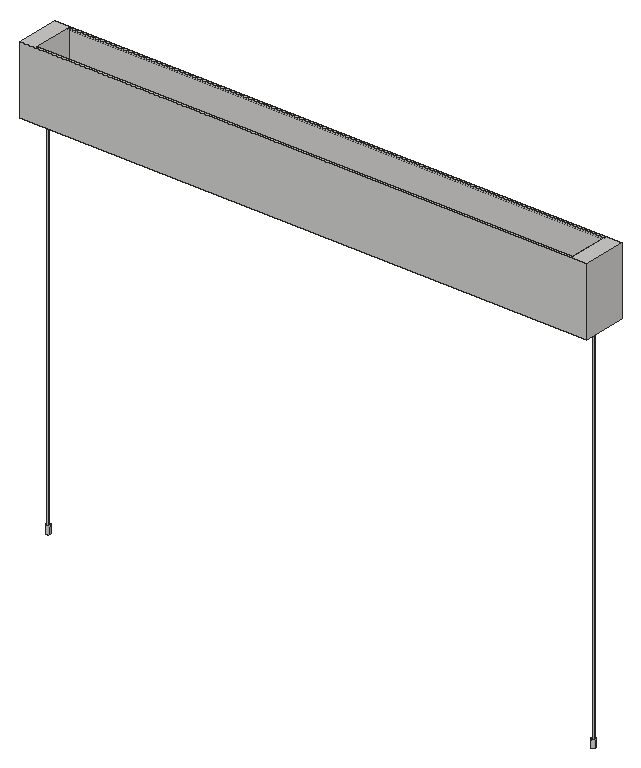
Revit family "22-P-ID", category Lighting Fixtures, host Face, Revit 2014
Parameters (values of type "22-P-ID-03")
  Wattage = 4 W
  Warranty = "1-Years Warranty"  # constant formula
  built-in parameter 1150110 = 1 (stored number, unit not read)
  Voltage = 120 V
  Type Comments = "Lighting Fixture"  # constant formula
  built-in parameter 1114217 = 1 (stored number, unit not read)
  Tilt Angle = -90.00°
  built-in parameter 1150109 = 1 (stored number, unit not read)
  built-in parameter 1150134 = (empty or 0)
  built-in parameter 1150113 = 1 (stored number, unit not read)
  Product Page URL = "https://www.hubbell.com/litecontrol/en/Products/Lighting-Controls/Commercial-Indoor-Lighting/Pendant-Lighting/MOD-22-Pendant-IndirectDirect/p/277649"
  Product Documentation Link = "https://hubbellcdn.com/specsheet/22_p_id.pdf"
  Power Factor = 1
  Photometric Web File = "22-P-ID-04-BW-Cx-T5HO.ies"
  Photometric Notes = "More IES files download on Photometric Link"  # constant formula
  Photometric Link = "https://www.hubbell.com/litecontrol/en/Products/Lighting-Controls/Commercial-Indoor-Lighting/Pendant-Lighting/MOD-22-Pendant-IndirectDirect/p/277649#prod-photometry-section"
  Pendant Height [instance] = 2' - 0"
  zz Length 1 = 3' - 0"
  Wattage Comments = ""
  URL = "https://www.hubbell.com/litecontrol/en/"
  Mounting = "Pendant"  # constant formula
  Model = "MOD 22 Pendant Indirect/Direct"  # constant formula
  Manufacturer = "Litecontrol Lighting"  # constant formula
  built-in parameter 1150105 = 39.789 (stored number, unit not read)
  Lumens = 500 lm
  built-in parameter 1150115 = 1 (stored number, unit not read)
  Load Classification = Lighting
  built-in parameter 1150137 = (empty or 0)
  built-in parameter 1150139 = (empty or 0)
  built-in parameter 1150112 = 1 (stored number, unit not read)
  built-in parameter 1150114 = 1 (stored number, unit not read)
  Lamp = "Fluorescent"  # constant formula
  built-in parameter 1150132 = (empty or 0)
  built-in parameter 1150102 = (empty or 0)
  built-in parameter 1150107 = 3500 (stored number, unit not read)
  built-in parameter 1150138 = (empty or 0)
  built-in parameter 1150106 = 0.39789 (stored number, unit not read)
  Glass = Glass - Hubbell - White
  Fixture Distribution = "Indirect/Direct"  # constant formula
  Emit from Rectangle Width = zz Length 1 - 0' 2"  # 2' - 10"
  Emit from Rectangle Length = 0' - 2"  # constant formula
  Emit Shape Visible in Rendering = no
  built-in parameter 1150104 = 11.613 (stored number, unit not read)
  Downlight Diffuser = "Blade Baffle/Soft Glow Lens"  # constant formula
  Dimming Lamp Color Temperature Shift = <None>
  Description = "Small-scale extruded aluminum fixture available with three lamp choices with a lens or baffle on the downlight portion, allowing for greater design flexibility. Its small housing provides a clean, minimalist look in both small and large areas"  # constant formula
  Default Elevation = 4' - 0"
  Copyright = "Copyright © 2020 Litecontrol"  # constant formula
  Contact Us = "https://www.hubbell.com/litecontrol/en/contactUs"
  Color Filter = 16777215
  built-in parameter 1114218 = 1 (stored number, unit not read)
  Housing Material = Paint - Hubbell - Textured Matte White
  built-in parameter 1150133 = 10 (stored number, unit not read)
  Assembly Code = "D5020200"
  Apparent Load = 0 VA
Types (6): name | zz Length 1 | Emit from Rectangle Width
  (no name) | 3' - 0" | 2' - 10"
  22-P-ID-04 | 4' - 0" | 3' - 10"
  22-P-ID-03 | 3' - 0" | 2' - 10"
  22-P-ID-06 | 6' - 0" | 5' - 10"
  22-P-ID-08 | 8' - 0" | 7' - 10"
  22-P-ID-12 | 12' - 0" | 11' - 10"
Reference planes (in)
  plane 1 "Center (Front/Back)": y = 13.01342
  plane 2: z = 0
  plane 3 "Center (Left/Right)": x = 0
  plane 4: z = 24
  plane 5: x = -18
  plane 6: x = 18
  plane 7: x = -17.3125
  plane 8: x = 17.3125
  plane 9: z = 0.5
  plane 10: z = 26.75
Forms (in)
  Revolve 1, solid, material "Paint - Hubbell - Textured Matte White" <- "Housing Material"
    sketch origin (-5.75, 13.01342, 0) x (-1, 0, 0) y (0, 0, 1)
      loop
        line (-23.0625, 24) -> (-23.0625, 0) -> (-22.9375, 0) -> (-22.9375, 0.5) -> (-23, 0.5) -> (-23, 23.5) -> (-22.9375, 23.5) -> (-22.9375, 24) -> (-23.0625, 24)
      axis (-23.0625, 24) -> (-23.0625, 0)
    angle from 0 to 360
  Revolve 2, solid, material "Paint - Hubbell - Textured Matte White" <- "Housing Material"
    sketch origin (5.75, 13.01342, 0) x (1, 0, 0) y (0, 0, 1)
      loop
        line (-23.0625, 24) -> (-23.0625, 0) -> (-22.9375, 0) -> (-22.9375, 0.5) -> (-23, 0.5) -> (-23, 23.5) -> (-22.9375, 23.5) -> (-22.9375, 24) -> (-23.0625, 24)
      axis (-23.0625, 24) -> (-23.0625, 0)
    angle from 0 to 360
Dimensions and locks (in)
  "Pendant Height": plane 4 to level
  equal spacing: plane 6, plane 3 "Center (Left/Right)", plane 5
  "zz Length 1": plane 6 to plane 5
  locked: plane 9 to plane 2 at 0.5
  locked: plane 7 to plane 5 at 0.6875
  locked: plane 6 to plane 8 at 0.6875
  locked: plane 10 to plane 4 at 2.75
  aligned and locked: plane 2 to host face
  aligned and locked: level to host face
  aligned and locked: Revolve 1 sketch curve to Revolve 1 sketch curve
  aligned and locked: Revolve 1 sketch curve to plane 8
  aligned and locked: plane 4 to Revolve 1 sketch curve
  aligned and locked: Revolve 1 sketch curve to level
  aligned and locked: plane 3 "Center (Left/Right)" to nested 1
  aligned and locked: plane 1 "Center (Front/Back)" to nested 1
  aligned and locked: Revolve 2 sketch curve to Revolve 2 sketch curve
  aligned and locked: plane 9 to Revolve 2
  aligned and locked: Revolve 1 to plane 9
  aligned and locked: plane 10 to imposter light
  aligned and locked: plane 3 "Center (Left/Right)" to imposter light
Automatic sketch dimensions
  host sketch curve to host sketch curve = 8' - 0"  (x2)
  Revolve 1 sketch curve to plane 9 = 0' - 0"
  plane 8 to Revolve 1 sketch curve = 0' - 0 1/16"
  plane 8 to Revolve 1 sketch curve = 0' - 0 1/8"
  Revolve 1 sketch curve to Revolve 1 sketch curve = 0' - 0 1/16"
  Revolve 1 sketch curve to plane 9 = 0' - 0.66777"
  Revolve 1 sketch curve to Revolve 1 sketch curve = 0' - 9.83778"
  Revolve 2 sketch curve to plane 7 = 0' - 0"
  plane 9 to Revolve 2 sketch curve = 0' - 0"
  Revolve 2 sketch curve to level = 0' - 0"
  Revolve 2 sketch curve to plane 4 = 0' - 0"
  plane 7 to Revolve 2 sketch curve = 0' - 0 1/16"
  plane 7 to Revolve 2 sketch curve = 0' - 0 1/8"
  Revolve 2 sketch curve to Revolve 2 sketch curve = 0' - 0 1/16"
  plane 9 to Revolve 2 sketch curve = 0' - 0.66777"
  Revolve 2 sketch curve to Revolve 2 sketch curve = 0' - 9.83778"
  plane 4 to Revolve 1 sketch curve = 0' - 0 1/2"
  Revolve 2 sketch curve to plane 4 = 0' - 0 1/2"
Nested families (in)
  nested 1: "22-P" at (-0.01104, 12.97343, 24), Glass <- "Glass", Backbox <- "Housing Material", Length <- "zz Length 1", type "22-P"
    with Length 3' - 0", Glass Glass - Hubbell - White, Backbox Paint - Hubbell - Textured Matte White
Connectors (in)
  electrical at (0, 13.01342, 24), driven by "Load Classification", driven by "Voltage", driven by "Apparent Load", driven by "Power Factor"
    settings: on nested 1, index 1, voltage 120 V, apparent load 0 VA, apparent load phase1 0 VA, apparent load phase2 0 VA, apparent load phase3 0 VA, power factor 1, load classification "Lighting", number of poles 1, system type 30, power factor state 1, is connector primary yes, connector utility no, sub classification motor no, connector description "Electrical Connector"
Definition of nested family "22-P"
  Parameters (values of type "22-P")
    Wattage Comments = ""
    URL = ""
    Model = ""
    Manufacturer = ""
    Length [instance] = 4' - 0"
    Lamp = ""
    Glass [instance] = none
    Description = ""
    Default Elevation = 4' - 0"
    Backbox [instance] = none
    Apparent Load = 0 VA
  Reference planes (in)
    plane 1 "Center (Front/Back)": y = 0.03999
    plane 2: z = 0
    plane 3 "Center (Left/Right)": x = 0.01104
    plane 4: z = 4.3125
    plane 5: z = 4.1875
    plane 6: x = -23.98896
    plane 7: x = 24.01104
    plane 8: x = -22.98896
    plane 9: x = 23.01104
    plane 10: y = 1.28999
    plane 11: y = -1.21001
    plane 12: y = -1.33501
    plane 13: y = 1.41499
    plane 14: z = 0.125
  Forms (in)
    Extrusion 1, solid
      sketch origin (0, 0, 0.06357) x (1, 0, 0) y (0, 1, 0)
        loop
          line (-48, 48) -> (-48, -48) -> (48, -48) -> (48, 48) -> (-48, 48)
      from -0.06357 to -12.81105
    Extrusion 2, void
      sketch origin (-23.78896, 8.13374, 2) x (0, -1, 0) y (1, 0, 0)
        loop
          line (6.84375, 0.8) -> (9.34375, 0.8) -> (9.34375, 46.8) -> (6.84375, 46.8) -> (6.84375, 0.8)
      from 2.3125 to -2
    Extrusion 3, solid, material <- "Backbox"
      sketch origin (0.01104, 0, 0) x (0, 1, 0) y (0, 0, 1)
        loop
          line (1.41499, 4.3125) -> (-1.33501, 4.3125) -> (-1.33501, 0) -> (1.41499, 0) -> (1.41499, 4.3125)
      from -24 to 24
    Extrusion 4, solid, material <- "Glass"
      sketch origin (0, 0, 0) x (1, 0, 0) y (0, 1, 0)
        loop
          line (-22.98896, 1.28999) -> (-22.98896, -1.21001) -> (23.01104, -1.21001) -> (23.01104, 1.28999) -> (-22.98896, 1.28999)
      from 4.1875 to 4.3125
    Extrusion 5, solid, material <- "Glass"
      sketch origin (0, 0, 4.3125) x (0, -1, 0) y (1, 0, 0)
        loop
          line (-1.28999, -22.98896) -> (1.21001, -22.98896) -> (1.21001, 23.01104) -> (-1.28999, 23.01104) -> (-1.28999, -22.98896)
      from -4.3125 to -4.1875
  Cuts and joins
    Extrusion 2 cuts Extrusion 3
  Dimensions and locks (in)
    "Length": plane 7 to plane 6
    locked: plane 8 to plane 6 at 1
    locked: plane 7 to plane 9 at 1
    equal spacing: plane 7, plane 3 "Center (Left/Right)", plane 6
    plane 10 to plane 11 = 0' - 2 1/2"
    equal spacing: plane 10, plane 1 "Center (Front/Back)", plane 11
    plane 12 to plane 13 = 0' - 2 3/4"
    plane 12 to plane 1 "Center (Front/Back)" = 0' - 1 3/8"
    equal spacing: plane 13, plane 1 "Center (Front/Back)", plane 12
    locked: plane 4 to plane 5 at 0.125
    plane 4 to plane 2 = 0' - 4 5/16"
    plane 14 to plane 2 = 0' - 0 1/8"
    aligned and locked: plane 2 to Extrusion 1
    aligned and locked: plane 10 to Extrusion 2 sketch curve
    aligned and locked: plane 11 to Extrusion 2 sketch curve
    aligned and locked: plane 4 to Extrusion 3 sketch curve
    aligned and locked: plane 13 to Extrusion 3 sketch curve
    aligned and locked: Extrusion 3 sketch curve to level
    aligned and locked: plane 12 to Extrusion 3 sketch curve
    aligned and locked: Extrusion 3 to plane 6
    aligned and locked: plane 7 to Extrusion 3
    aligned and locked: plane 9 to Extrusion 2
    aligned and locked: Extrusion 2 to plane 8
    aligned and locked: plane 4 to Extrusion 2
    aligned and locked: Extrusion 4 sketch curve to cut or joined group of Extrusion 2, Extrusion 3  (x4)
    aligned and locked: plane 4 to Extrusion 4
    aligned and locked: Extrusion 4 to plane 5
    aligned and locked: cut or joined group of Extrusion 2, Extrusion 3 to plane 2
    aligned and locked: Extrusion 5 to plane 2
    aligned and locked: plane 14 to Extrusion 5
  Automatic sketch dimensions
    Extrusion 1 sketch curve to Extrusion 1 sketch curve = 8' - 0"  (x2)
    Extrusion 2 sketch curve to plane 8 = 0' - 0"
    Extrusion 2 sketch curve to plane 9 = 0' - 0"
    Extrusion 5 sketch curve to plane 9 = 0' - 0"
    plane 10 to Extrusion 5 sketch curve = 0' - 0"
    Extrusion 5 sketch curve to plane 8 = 0' - 0"
    Extrusion 5 sketch curve to plane 11 = 0' - 0"
